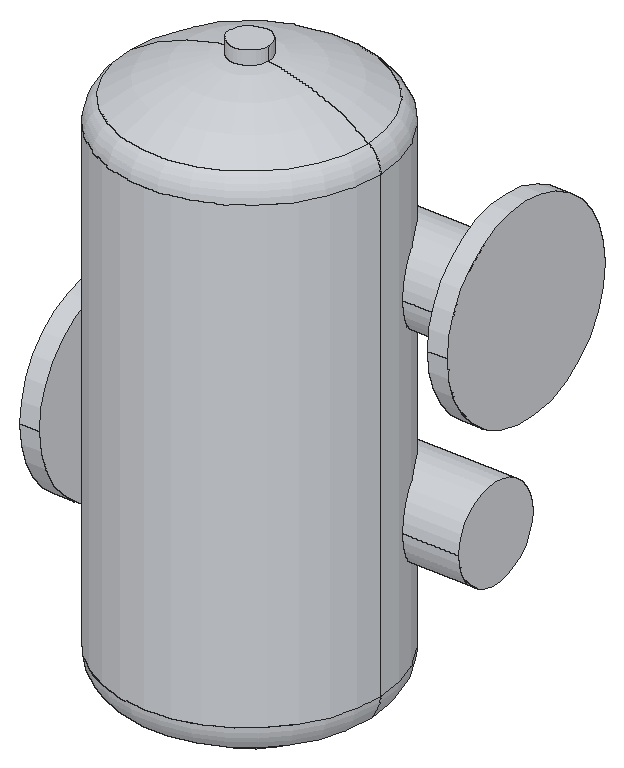
Revit family
Parameters (values of type "3-AS 125# W.P.")
  Weight = "70 lbs"
  Top to Inlet = 7.375"
  Top Connection Radius = 0.375"
  Top Connection Diameter = Top Connection Radius * 2  # 0.750"
  Tangential = yes
  Tank Height = 22.688"
  Tank Diameter = 10.000"
  Pipe Location off CL = 3.000"
  Outlet Pipe Flange Conn. Radius = Outlet Pipe Flange Conn / 2  # 1.500"
  Outlet Pipe Flange Conn = 3.000"
  Nipple Connection Radius = Nipple Connection Diameter / 2  # 1.500"
  Nipple Connection Diameter = 3.000"
  Model = "3\"-AS"
  Pressure Drop = "1"
  Max Operating Temp = "350 DEG F"
  Max Operating Pressure = "125 PSI"
  Manufacturer = "Amtrol"
  Inlet CL to Outlet CL = 8.000"
  Inlet Pipe Flange Conn = 3.000"
  Inlet Pipe Flange Conn. Radius = Inlet Pipe Flange Conn / 2  # 1.500"
  Flow (GPM) = "137"
  Flange to Flange Height = 16.313"
  CL to Outlet Flange = 8.156"
  Bottom Connection Radius = Bottom Connection Diameter / 2  # 0.375"
  Bottom Connection Diameter = 0.750"
  ASME = yes
Types (3): name | Max Operating Pressure
  (no name) | "125 PSI"
  3-AS 125# W.P. | "125 PSI"
  3-AS 150# W.P. 10 BAR | "150 PSI"
Reference planes (in)
  plane 1 "Center (Front/Back)": y = 0
  plane 2: z = 0
  plane 3 "Center (Left/Right)": x = 0
Forms (in)
  Revolve 1, solid
    sketch origin (0, 0, 0) x (1, 0, 0) y (0, 0, 1)
      loop
        line (0, 23.17548) -> (0, 0.48748)
        arc (0, 0.48748) -> (2.3562, 0.86066) -> (4.48177, 1.94366) r 7.625
        arc (4.48177, 1.94366) -> (4.85024, 2.37596) -> (5.00004, 2.92386) r 1.30442
        line (5.00004, 2.92386) -> (5.00004, 20.77392)
        arc (5.00004, 20.77392) -> (4.87779, 21.2809) -> (4.53792, 21.67644) r 1.11237
        arc (4.53792, 21.67644) -> (2.38955, 22.79102) -> (0, 23.17548) r 7.61816
      axis (0, 0.48748) -> (0, 23.17548)
    angle from 0 to 360
  Extrusion 2, solid
    sketch origin (0, 0, -1.34886) x (0, 1, 0) y (0, 0, 1)
      loop
        circle (3, 17.22591) r 1.75
    from 2.04863 to 7.4038
  Extrusion 3, solid
    sketch origin (1.26407, 0, 1.33708) x (0, 1, 0) y (0, 0, 1)
      loop
        circle (3, 6.56456) r 1.75
    from -8.66787 to 5.73597
  Extrusion 4, solid
    sketch origin (0, 0, 0) x (0, 1, 0) y (0, 0, 1)
      loop
        circle (3, 15.9037) r 3.75
    from 7.4038 to 8.157
  Extrusion 5, solid
    sketch origin (0, 0, 0) x (0, 1, 0) y (0, 0, 1)
      loop
        circle (3, 7.96049) r 3.75
    from -7.4038 to -8.156
  Sweep 6, solid
    path origin (0, 0, 0) x (1, 0, 0) y (0, 0, 1)
      loop
        line (0, 23.1815) -> (0, 23.6875)
    profile origin (0, 0, 23.4345) x (-1, 0, 0) y (0, -1, 0)
      loop
        circle (0, 0) r 0.75
  Sweep 7, solid
    path origin (0, 0, 0) x (1, 0, 0) y (0, 0, 1)
      loop
        line (0, 0) -> (0, 0.5538)
    profile origin (0, 0, 0.2769) x (-1, 0, 0) y (0, -1, 0)
      loop
        circle (0, 0) r 0.75
Lines and regions (in)
  reference lines
    curve 1: line (-7.4038, 0, 7.875) -> (9.0962, 0, 7.875)
    curve 2: line (8.65956, 0, 15.875) -> (0, 0, 15.875)
Text (in)
  text "INLET" at (11.05624, 0, 17.22368), in view "Front"
  text "OUTLET" at (-19.15084, 0, 8.92051), in view "Front"
  text "STRAINER ACCESS" at (8.375, 0, 6.93253), in view "Front"
Dimensions and locks (in)
  "Tank Height": Revolve 1 sketch curve to Revolve 1 sketch curve
  Revolve 1 sketch curve to Revolve 1 sketch curve = 6.50591"
  Revolve 1 sketch curve to level = 0.48748"
  "Pipe Location off CL": plane 1 "Center (Front/Back)" to Extrusion 2 sketch curve
  "Pipe Location off CL": plane 1 "Center (Front/Back)" to Extrusion 3 sketch curve
  Extrusion 3 to Revolve 1 = 2.000"
  "Pipe Location off CL": Extrusion 5 sketch curve to plane 1 "Center (Front/Back)"
  "Pipe Location off CL": Extrusion 4 sketch curve to plane 1 "Center (Front/Back)"
  "CL to Outlet Flange": Extrusion 5 to plane 3 "Center (Left/Right)"
  Revolve 1 sketch curve to Revolve 1 sketch curve = 5.00004"
  aligned and locked: Extrusion 3 to curve 1
Automatic sketch dimensions
  level to Extrusion 2 sketch curve = 15.87705"
  level to Extrusion 3 sketch curve = 7.90165"
  curve 2 to plane 3 "Center (Left/Right)" = 0.000"
  curve 1 to plane 3 "Center (Left/Right)" = 7.4038"
  curve 2 to curve 2 = 8.65956"
  curve 2 to curve 1 = 0.43664"
  level to Extrusion 4 sketch curve = 15.9037"
  level to Extrusion 5 sketch curve = 7.96049"
  Sweep 6 sketch curve to plane 3 "Center (Left/Right)" = 0.000"
  level to Sweep 6 sketch curve = 23.1815"
  Sweep 6 sketch curve to Sweep 6 sketch curve = 0.506"
  plane 1 "Center (Front/Back)" to Sweep 6 sketch curve = 0.000"
  Sweep 6 sketch curve to profile plane = 0.000"
  Sweep 7 sketch curve to plane 3 "Center (Left/Right)" = 0.000"
  Sweep 7 sketch curve to level = 0.000"
  level to Sweep 7 sketch curve = 0.5538"
  plane 1 "Center (Front/Back)" to Sweep 7 sketch curve = 0.000"
  Sweep 7 sketch curve to profile plane = 0.000"
  level to curve 1 = 7.875"
  curve 1 to curve 2 = 8.000"
  Revolve 1 sketch curve to plane 3 "Center (Left/Right)" = 0.000"  (x2)
  Revolve 1 sketch curve to Revolve 1 sketch curve = 1.30295"
  Revolve 1 sketch curve to Revolve 1 sketch curve = 1.11237"
  Revolve 1 sketch curve to Revolve 1 sketch curve = 0.51826"
  Revolve 1 sketch curve to Revolve 1 sketch curve = 0.65025"
  Revolve 1 sketch curve to level = 0.06771"
  level to Revolve 1 sketch curve = 1.94366"
  Revolve 1 sketch curve to Revolve 1 sketch curve = 0.9802"
  Revolve 1 sketch curve to Revolve 1 sketch curve = 2.01931"
  radius of Extrusion 2 sketch curve = 1.750"
  radius of Extrusion 3 sketch curve = 1.750"
  radius of Extrusion 4 sketch curve = 3.750"
  radius of Extrusion 5 sketch curve = 3.750"
  radius of Sweep 6 sketch curve = 0.750"
  radius of Sweep 7 sketch curve = 0.750"
Connectors (in)
  piping at (8.157, 3, 15.9037), driven by "Inlet Pipe Flange Conn. Radius"
    settings: on Extrusion 4, index 1
  piping at (7.00004, 3, 7.90165), driven by "Nipple Connection Radius"
    settings: on Extrusion 3, index 2
  piping at (0, 0, 23.6875), driven by "Top Connection Radius"
    settings: on Sweep 6, index 3
  piping at (-8.156, 3, 7.96049), driven by "Outlet Pipe Flange Conn. Radius"
    settings: on Extrusion 5, index 4
  piping at (0, 0, 0), driven by "Bottom Connection Radius"
    settings: on Sweep 7, index 5
